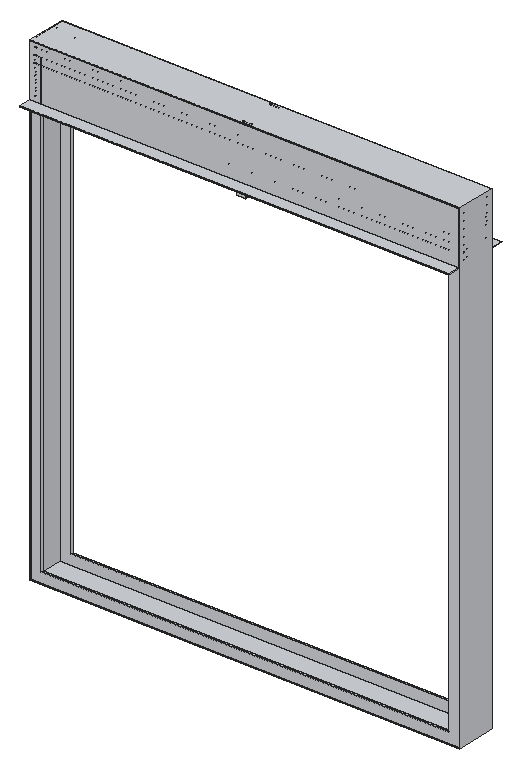
Revit family "FD-BSL", category Mechanical Equipment, Revit 2015
Parameters
  URL = "https://unitedenertech.com/catalog/pdf/A-14%20%20FD-BSL.pdf"
  Type Comments = "Max. Sizes are (1-1/2 Hour Vertical 120\"w x 115\"h) (1-1/2 Hour Horizontal 120\"w x 36\"h) (3 Hour Vertical or Horizontal 80\"w x 36\"h)"
  Model = "FD-BSL"
  Manufacturer = "United Enertech Corporation"
  Keynote = "Vertical Model Shown, Horizontal Models have Springs as shown on FDD-BSL Model."
  Exact Width = 2' - 0"
  EFL Height [instance] = Blade Pair Number * 0' 0 13/32" + 0' 0 41/64"  # 0' - 3 31/64"
  Description = "Slimline Curtain Fire Damper for use in Static Systems"
  Depth [instance] = 0' - 2 3/16"
  Damper Height = 2' - 0"
  Blade Width [instance] = Exact Width - 0' 0 1/8"  # 1' - 11 7/8"
  Blade Pair Number [instance] = (Damper Height + (if(Damper Height < 1' 8 1/4", 0' 2", if(Damper Height < 2' 8 1/4", 0' 3", if(Damper Height < 3' 6 1/4", 0' 4", if(Damper Height < 4' 7 1/4", 0' 5", if(Damper Height < 5' 4 1/4", 0' 3", if(Damper Height < 7' 0 1/4", 0' 4", if(Damper Height < 9' 7 1/4", 0' 5", 0' 5"))))))))) / 0' 3 7/8"  # 7
  "B" [instance] = if(Damper Height < 1' 8 1/4", 0' 2", if(Damper Height < 2' 8 1/4", 0' 3", if(Damper Height < 3' 6 1/4", 0' 4", if(Damper Height < 4' 7 1/4", 0' 5", if(Damper Height < 5' 4 1/4", 0' 3", if(Damper Height < 7' 0 1/4", 0' 4", if(Damper Height < 9' 7 1/4", 0' 5", 0' 5")))))))  # 0' - 3"
Reference planes (in)
  plane 1 "Center (Front/Back)": y = 0
  plane 2: z = 0
  plane 3 "Center (Left/Right)": x = 0
  plane 4: x = -12
  plane 5: x = 12
  plane 6: y = 1.84375
  plane 7: y = -1.84375
  plane 8: z = 24
  plane 9: z = 27
  plane 10: y = 1.09375
  plane 11: y = -1.09375
  plane 12: y = 0.96875
  plane 13: y = -0.96875
  plane 14: z = 0.0359
  plane 15: z = 26.9641
  plane 16: x = -11.9641
  plane 17: x = 11.9641
  plane 18: x = -11.375
  plane 19: x = 11.375
  plane 20: z = 26.375
  plane 21: z = 0.625
  plane 22: z = 23.47973
  plane 23: x = 0.25
  plane 24: x = -0.25
  plane 25: z = 23.60473
Forms (in)
  Extrusion 1, solid
    sketch origin (0, 0, 0) x (1, 0, 0) y (0, 0, 1)
      loop
        line (-11.9641, 26.9641) -> (-11.9641, 0.0359) -> (11.9641, 0.0359) -> (11.9641, 26.9641) -> (-11.9641, 26.9641)
      loop
        line (-12, 27) -> (-12, 0) -> (12, 0) -> (12, 27) -> (-12, 27)
    from -1.09375 to 1.09375
  Extrusion 2, solid
    sketch origin (0, 0, 0) x (1, 0, 0) y (0, 0, 1)
      loop
        line (-11.375, 26.375) -> (-11.375, 0.625) -> (11.375, 0.625) -> (11.375, 26.375) -> (-11.375, 26.375)
      loop
        line (-11.9641, 26.9641) -> (-11.9641, 0.0359) -> (11.9641, 0.0359) -> (11.9641, 26.9641) -> (-11.9641, 26.9641)
    from -1.09375 to -0.96875
  Extrusion 3, solid
    sketch origin (0, 0, 0) x (1, 0, 0) y (0, 0, 1)
      loop
        line (-11.375, 26.375) -> (-11.375, 0.625) -> (11.375, 0.625) -> (11.375, 26.375) -> (-11.375, 26.375)
      loop
        line (-11.9641, 26.9641) -> (-11.9641, 0.0359) -> (11.9641, 0.0359) -> (11.9641, 26.9641) -> (-11.9641, 26.9641)
    from 0.96875 to 1.09375
  Extrusion 4, solid
    sketch origin (0, 0, 0) x (0, 1, 0) y (0, 0, 1)
      loop
        line (0.96875, 27) -> (0.93285, 27) -> (0.93285, 23.47973) -> (1.38285, 23.47973) -> (1.38285, 23.76098) -> (1.34695, 23.76098) -> (1.34695, 23.51563) -> (0.96875, 23.51563) -> (0.96875, 27)
    from -0.25 to 0.25
  Extrusion 5, solid
    sketch origin (0, 0, 0) x (0, -1, 0) y (0, 0, -1)
      loop
        line (0.96875, -27) -> (0.96875, -23.51563) -> (1.34695, -23.51563) -> (1.34695, -23.76098) -> (1.38285, -23.76098) -> (1.38285, -23.47973) -> (0.93285, -23.47973) -> (0.93285, -27) -> (0.96875, -27)
    from -0.25 to 0.25
  Extrusion 6, solid
    sketch origin (0, 0, 0) x (0, 1, 0) y (0, 0, 1)
      loop
        line (1.09375, 26.9641) -> (1.09375, 24) -> (1.84375, 24) -> (1.84375, 24.0359) -> (1.12965, 24.0359) -> (1.12965, 26.9641) -> (1.09375, 26.9641)
    from -11.9641 to 11.9641
  Extrusion 7, solid
    sketch origin (0, 0, 0) x (0, -1, 0) y (0, 0, -1)
      loop
        line (1.09375, -26.9641) -> (1.12965, -26.9641) -> (1.12965, -24.0359) -> (1.84375, -24.0359) -> (1.84375, -24) -> (1.09375, -24) -> (1.09375, -26.9641)
    from -11.9641 to 11.9641
Dimensions and locks (in)
  equal spacing: plane 4, plane 3 "Center (Left/Right)", plane 5
  "Exact Width": plane 4 to plane 5
  equal spacing: plane 6, plane 1 "Center (Front/Back)", plane 7
  "Damper Height": plane 8 to level
  ""B"": plane 9 to plane 8
  plane 11 to plane 10 = 0' - 2 3/16"
  locked: plane 11 to plane 13 at 0.125
  locked: plane 12 to plane 10 at 0.125
  plane 9 to level = 2' - 3"
  locked: plane 4 to plane 16 at 0.0359
  locked: plane 17 to plane 5 at 0.0359
  locked: plane 9 to plane 15 at 0.0359
  locked: plane 14 to level at 0.0359
  locked: plane 4 to plane 18 at 0.625
  locked: plane 5 to plane 19 at 0.625
  locked: plane 9 to plane 20 at 0.625
  locked: plane 21 to level at 0.625
  equal spacing: group 1, group 2, group 3, group 4, group 5, group 6, group 7  (x2)
  equal spacing: group 7, group 6, group 5, group 4, group 3, group 2, group 1
  locked: nested 1 to nested 2 at 0.40625
  "EFL Height": plane 15 to plane 22
  locked: plane 22 to plane 25 at 0.125
  "Depth": plane 11 to plane 10
  aligned and locked: level to plane 2
  aligned and locked: level to Extrusion 1 sketch curve
  aligned and locked: Extrusion 1 sketch curve to plane 4
  aligned and locked: Extrusion 1 sketch curve to plane 9
  aligned and locked: Extrusion 1 sketch curve to plane 5
  aligned and locked: plane 14 to Extrusion 1 sketch curve
  aligned and locked: Extrusion 1 sketch curve to plane 15
  aligned and locked: plane 17 to Extrusion 1 sketch curve
  aligned and locked: plane 16 to Extrusion 1 sketch curve
  aligned and locked: plane 14 to Extrusion 2 sketch curve
  aligned and locked: plane 16 to Extrusion 2 sketch curve
  aligned and locked: plane 17 to Extrusion 2 sketch curve
  aligned and locked: Extrusion 2 sketch curve to plane 15
  aligned and locked: Extrusion 2 sketch curve to plane 20
  aligned and locked: Extrusion 2 sketch curve to plane 19
  aligned and locked: Extrusion 2 sketch curve to plane 18
  aligned and locked: plane 21 to Extrusion 2 sketch curve
  aligned and locked: Extrusion 2 to plane 10
  aligned and locked: plane 12 to Extrusion 2
  aligned and locked: Extrusion 3 to plane 13
  aligned and locked: plane 11 to Extrusion 3
  aligned and locked: plane 3 "Center (Left/Right)" to nested 1
  aligned and locked: plane 15 to nested 1
  aligned and locked: Extrusion 4 to plane 24
  aligned and locked: Extrusion 4 to plane 23
  aligned and locked: plane 25 to nested 6
  aligned and locked: Extrusion 6 to plane 17
  aligned and locked: Extrusion 7 to plane 17
  aligned and locked: Extrusion 7 to plane 16
  aligned and locked: Extrusion 6 to plane 16
  aligned and locked: plane 11 to Extrusion 1
  aligned and locked: Extrusion 1 to plane 10
  aligned and locked: plane 6 to Extrusion 6
  aligned and locked: Extrusion 7 to plane 7
Automatic sketch dimensions
  Extrusion 3 sketch curve to plane 14 = 0' - 0"
  Extrusion 3 sketch curve to plane 16 = 0' - 0"
  plane 18 to Extrusion 3 sketch curve = 0' - 0"
  Extrusion 3 sketch curve to plane 19 = 0' - 0"
  plane 17 to Extrusion 3 sketch curve = 0' - 0"
  Extrusion 3 sketch curve to plane 21 = 0' - 0"
  Extrusion 3 sketch curve to plane 20 = 0' - 0"
  Extrusion 3 sketch curve to plane 15 = 0' - 0"
  Extrusion 4 sketch curve to plane 9 = 0' - 0"
  Extrusion 4 sketch curve to plane 22 = 0' - 0"
  Extrusion 4 sketch curve to plane 12 = 0' - 0"
  plane 12 to Extrusion 4 sketch curve = 0' - 0.0359"
  Extrusion 4 sketch curve to plane 10 = 0' - 0.2532"
  Extrusion 4 sketch curve to Extrusion 4 sketch curve = 0' - 0.0359"
  plane 22 to Extrusion 4 sketch curve = 0' - 0.0359"
  Extrusion 4 sketch curve to plane 8 = 0' - 0.23902"
  Extrusion 5 sketch curve to plane 9 = 0' - 0"
  Extrusion 5 sketch curve to plane 22 = 0' - 0"
  Extrusion 5 sketch curve to plane 13 = 0' - 0"
  plane 13 to Extrusion 5 sketch curve = 0' - 0.0359"
  Extrusion 5 sketch curve to plane 11 = 0' - 0.2532"
  Extrusion 5 sketch curve to Extrusion 5 sketch curve = 0' - 0.0359"
  Extrusion 5 sketch curve to plane 22 = 0' - 0.0359"
  plane 8 to Extrusion 5 sketch curve = 0' - 0.23902"
  Extrusion 6 sketch curve to plane 8 = 0' - 0"
  Extrusion 6 sketch curve to plane 10 = 0' - 0"
  Extrusion 6 sketch curve to plane 15 = 0' - 0"
  Extrusion 6 sketch curve to plane 10 = 0' - 0.0359"
  plane 8 to Extrusion 6 sketch curve = 0' - 0.0359"
  Extrusion 7 sketch curve to plane 8 = 0' - 0"
  Extrusion 7 sketch curve to plane 11 = 0' - 0"
  Extrusion 7 sketch curve to plane 15 = 0' - 0"
  Extrusion 7 sketch curve to plane 11 = 0' - 0.0359"
  Extrusion 7 sketch curve to plane 8 = 0' - 0.0359"
  plane 6 to Extrusion 6 sketch curve = 0' - 0"
  plane 7 to Extrusion 7 sketch curve = 0' - 0"
Nested families (in)
  nested 1: "FD-SALB BLADESEDITED" at (0, 1.1689, 26.12138), type "FD-SALB BLADESEDITED"
    with Blade Width 2' - 0"
  nested 2: "FD-SALB BLADESEDITED" at (0, 1.1689, 25.71513), type "FD-SALB BLADESEDITED"
    with Blade Width 2' - 0"
  nested 3: "FD-SALB BLADESEDITED" at (0, 1.1689, 25.30888), type "FD-SALB BLADESEDITED"
    with Blade Width 2' - 0"
  nested 4: "FD-SALB BLADESEDITED" at (0, 1.1689, 24.90263), type "FD-SALB BLADESEDITED"
    with Blade Width 2' - 0"
  nested 5: "FD-SALB BLADESEDITED" at (0, 1.1689, 24.49638), type "FD-SALB BLADESEDITED"
    with Blade Width 2' - 0"
  nested 6: "EFL" at (4.62017, 3.53398, 23.60473), type "EFL"
  nested 7: "FD-SALB BLADESEDITED" at (0, 1.1689, 24.09013), type "FD-SALB BLADESEDITED"
    with Blade Width 2' - 0"
  nested 8: "FD-SALB BLADESEDITED" at (0, 1.1689, 23.68388), type "FD-SALB BLADESEDITED"
    with Blade Width 2' - 0"
Definition of nested family "FD-SALB BLADESEDITED"
  Parameters (values of type "FD-SALB BLADESEDITED")
    Blade Width = 1' - 11 7/8"
  Reference planes (in)
    plane 1 "Center (Front/Back)": y = 0
    plane 2: z = 0
    plane 3 "Center (Left/Right)": x = 0
    plane 4: x = -11.9375
    plane 5: x = 11.9375
  Forms (in)
    Extrusion 1, solid
      sketch origin (0, 0, 0) x (0, 1, 0) y (0, 0, 1)
        loop
          line (-0.31672, 0.53073) -> (-0.3446, 0.62657)
          arc (-0.3446, 0.62657) -> (-0.33726, 0.6415) -> (-0.32269, 0.63348) r 0.0115
          line (-0.32269, 0.63348) -> (-0.30545, 0.53536)
          arc (-0.30545, 0.53536) -> (-0.31611, 0.49773) -> (-0.35217, 0.48264) r 0.045
          line (-0.35217, 0.48264) -> (-0.39872, 0.48554)
          arc (-0.39872, 0.48554) -> (-0.42675, 0.49692) -> (-0.44125, 0.52348) r 0.045
          line (-0.44125, 0.52348) -> (-0.47071, 0.66865)
          arc (-0.47071, 0.66865) -> (-0.48965, 0.70349) -> (-0.5262, 0.7189) r 0.06
          line (-0.5262, 0.7189) -> (-1.55698, 0.78305) -> (-1.76244, 0.79584)
          arc (-1.76244, 0.79584) -> (-1.79846, 0.78683) -> (-1.82228, 0.75836) r 0.06
          line (-1.82228, 0.75836) -> (-1.88016, 0.61423)
          arc (-1.88016, 0.61423) -> (-1.90974, 0.57877) -> (-1.95445, 0.56733) r 0.075
          arc (-1.95445, 0.56733) -> (-2.03902, 0.60869) -> (-2.06957, 0.69773) r 0.123
          line (-2.06957, 0.69773) -> (-2.06418, 0.78456)
          arc (-2.06418, 0.78456) -> (-2.05371, 0.80551) -> (-2.03138, 0.81256) r 0.03
          line (-2.03138, 0.81256) -> (-1.90763, 0.80489) -> (-1.90763, 0.8362) -> (-2.01284, 0.84272) -> (-2.04641, 0.84272)
          arc (-2.04641, 0.84272) -> (-2.08042, 0.82292) -> (-2.09536, 0.7865) r 0.06125
          line (-2.09536, 0.7865) -> (-2.10077, 0.69966)
          arc (-2.10077, 0.69966) -> (-2.06244, 0.58801) -> (-1.95639, 0.53614) r 0.15425
          arc (-1.95639, 0.53614) -> (-1.89306, 0.55235) -> (-1.8512, 0.60257) r 0.10625
          line (-1.8512, 0.60257) -> (-1.7933, 0.74674)
          arc (-1.7933, 0.74674) -> (-1.78183, 0.76038) -> (-1.76452, 0.76466) r 0.02875
          line (-1.76452, 0.76466) -> (-1.55892, 0.75186) -> (-0.52813, 0.68773)
          arc (-0.52813, 0.68773) -> (-0.51045, 0.68016) -> (-0.50148, 0.66314) r 0.02875
          line (-0.50148, 0.66314) -> (-0.47199, 0.51784)
          arc (-0.47199, 0.51784) -> (-0.4474, 0.47346) -> (-0.4004, 0.45434) r 0.07625
          line (-0.4004, 0.45434) -> (-0.35398, 0.45144)
          arc (-0.35398, 0.45144) -> (-0.29278, 0.47694) -> (-0.27468, 0.54073) r 0.07625
          line (-0.27468, 0.54073) -> (-0.29191, 0.63889)
          arc (-0.29191, 0.63889) -> (-0.33988, 0.67434) -> (-0.37768, 0.6282) r 0.04327
          line (-0.37768, 0.6282) -> (-0.34677, 0.52199) -> (-0.31672, 0.53073)
      from -11.9375 to 11.9375
    Extrusion 2, solid
      sketch origin (0, 0, 0) x (0, 1, 0) y (0, 0, 1)
        loop
          arc (-0.31635, 0.67497) -> (-0.29361, 0.66856) -> (-0.28256, 0.64768) r 0.03
          line (-0.28256, 0.64768) -> (-0.2714, 0.56286)
          arc (-0.2714, 0.56286) -> (-0.29582, 0.47194) -> (-0.37737, 0.42491) r 0.123
          arc (-0.37737, 0.42491) -> (-0.42275, 0.43328) -> (-0.45469, 0.46664) r 0.075
          line (-0.45469, 0.46664) -> (-0.52225, 0.60648)
          arc (-0.52225, 0.60648) -> (-0.54755, 0.63305) -> (-0.58358, 0.63992) r 0.06
          line (-0.58358, 0.63992) -> (-0.78858, 0.61304) -> (-1.81262, 0.47877)
          arc (-1.81262, 0.47877) -> (-1.84723, 0.46173) -> (-1.86432, 0.42714) r 0.06
          line (-1.86432, 0.42714) -> (-1.88437, 0.27537)
          arc (-1.88437, 0.27537) -> (-1.89734, 0.2499) -> (-1.92301, 0.23735) r 0.045
          line (-1.92301, 0.23735) -> (-1.96868, 0.2314)
          arc (-1.96868, 0.2314) -> (-2.00696, 0.24361) -> (-2.02023, 0.28153) r 0.045
          line (-2.02023, 0.28153) -> (-2.00995, 0.379)
          arc (-2.00995, 0.379) -> (-1.99657, 0.38882) -> (-1.98728, 0.37505) r 0.0115
          line (-1.98728, 0.37505) -> (-2.00879, 0.27676) -> (-1.97772, 0.26996) -> (-1.95543, 0.37179)
          arc (-1.95543, 0.37179) -> (-1.99381, 0.41919) -> (-2.04121, 0.38081) r 0.04313
          line (-2.04121, 0.38081) -> (-2.05127, 0.28509)
          arc (-2.05127, 0.28509) -> (-2.02877, 0.22122) -> (-1.96431, 0.20045) r 0.07625
          line (-1.96431, 0.20045) -> (-1.91897, 0.20638)
          arc (-1.91897, 0.20638) -> (-1.87533, 0.22771) -> (-1.85342, 0.27106) r 0.07625
          line (-1.85342, 0.27106) -> (-1.83333, 0.42305)
          arc (-1.83333, 0.42305) -> (-1.82514, 0.43962) -> (-1.80853, 0.44779) r 0.02875
          line (-1.80853, 0.44779) -> (-0.78452, 0.58205) -> (-0.57967, 0.60892)
          arc (-0.57967, 0.60892) -> (-0.56246, 0.60559) -> (-0.55039, 0.5929) r 0.02875
          line (-0.55039, 0.5929) -> (-0.48278, 0.45303)
          arc (-0.48278, 0.45303) -> (-0.4376, 0.40578) -> (-0.37331, 0.39393) r 0.10625
          arc (-0.37331, 0.39393) -> (-0.27103, 0.4529) -> (-0.24041, 0.56695) r 0.15425
          line (-0.24041, 0.56695) -> (-0.2515, 0.65113)
          arc (-0.2515, 0.65113) -> (-0.27433, 0.69316) -> (-0.32041, 0.70596) r 0.06125
          line (-0.32041, 0.70596) -> (-0.44437, 0.68971) -> (-0.44031, 0.65872) -> (-0.31635, 0.67497)
      from -11.9375 to 11.9375
  Dimensions and locks (in)
    equal spacing: plane 4, plane 3 "Center (Left/Right)", plane 5
    "Blade Width": plane 4 to plane 5
    aligned and locked: level to plane 2
    aligned and locked: plane 4 to Extrusion 1
    aligned and locked: plane 4 to Extrusion 2
    aligned and locked: plane 5 to Extrusion 1
    aligned and locked: plane 5 to Extrusion 2
  Automatic sketch dimensions
    Extrusion 2 sketch curve to Extrusion 2 sketch curve = 0' - 0"  (x35)
    level to Extrusion 2 sketch curve = 0' - 0.28509"
    plane 1 "Center (Front/Back)" to Extrusion 2 sketch curve = 0' - 2.05127"
    level to Extrusion 2 sketch curve = 0' - 0.38081"
    Extrusion 2 sketch curve to Extrusion 2 sketch curve = 0' - 0.01006"
    level to Extrusion 2 sketch curve = 0' - 0.28153"
    Extrusion 2 sketch curve to Extrusion 2 sketch curve = 0' - 0.03105"
    level to Extrusion 2 sketch curve = 0' - 0.27676"
    Extrusion 2 sketch curve to Extrusion 2 sketch curve = 0' - 0.01143"  (x2)
    Extrusion 2 sketch curve to Extrusion 2 sketch curve = 0' - 0.04266"
    Extrusion 2 sketch curve to Extrusion 2 sketch curve = 0' - 0.00023"
    level to Extrusion 2 sketch curve = 0' - 0.26996"
    Extrusion 2 sketch curve to Extrusion 2 sketch curve = 0' - 0.03107"
    Extrusion 2 sketch curve to Extrusion 2 sketch curve = 0' - 0.00213"
    level to Extrusion 2 sketch curve = 0' - 0.2314"
    Extrusion 2 sketch curve to Extrusion 2 sketch curve = 0' - 0.00904"
    level to Extrusion 2 sketch curve = 0' - 0.20045"
    level to Extrusion 2 sketch curve = 0' - 0.37179"
    Extrusion 2 sketch curve to Extrusion 2 sketch curve = 0' - 0.0467"
    level to Extrusion 2 sketch curve = 0' - 0.27537"
    Extrusion 2 sketch curve to Extrusion 2 sketch curve = 0' - 0.04451"
    level to Extrusion 2 sketch curve = 0' - 0.27106"
    Extrusion 2 sketch curve to Extrusion 2 sketch curve = 0' - 0.03095"
    Extrusion 2 sketch curve to Extrusion 2 sketch curve = 0' - 0.0486"
    plane 1 "Center (Front/Back)" to Extrusion 2 sketch curve = 0' - 0.78452"
    Extrusion 2 sketch curve to Extrusion 2 sketch curve = 0' - 0.20094"
    Extrusion 2 sketch curve to Extrusion 2 sketch curve = 0' - 0 1/256"  (x2)
    Extrusion 2 sketch curve to Extrusion 2 sketch curve = 0' - 0.0034"
    Extrusion 2 sketch curve to Extrusion 2 sketch curve = 0' - 0.13921"
    Extrusion 2 sketch curve to Extrusion 2 sketch curve = 0' - 0.00406"  (x3)
    Extrusion 2 sketch curve to Extrusion 2 sketch curve = 0' - 0.04695"
    Extrusion 2 sketch curve to Extrusion 2 sketch curve = 0' - 0.00624"
    Extrusion 2 sketch curve to Extrusion 2 sketch curve = 0' - 0.0809"
    Extrusion 2 sketch curve to Extrusion 2 sketch curve = 0' - 0.0299"
    Extrusion 2 sketch curve to Extrusion 2 sketch curve = 0' - 0.03106"
    Extrusion 2 sketch curve to Extrusion 2 sketch curve = 0' - 0.00661"
    Extrusion 2 sketch curve to Extrusion 2 sketch curve = 0' - 0.00119"
    Extrusion 2 sketch curve to Extrusion 2 sketch curve = 0' - 0.14822"
    level to Extrusion 2 sketch curve = 0' - 0.49927"
    Extrusion 2 sketch curve to Extrusion 2 sketch curve = 0' - 0.04759"
    Extrusion 2 sketch curve to Extrusion 2 sketch curve = 0' - 0.0335"
    Extrusion 2 sketch curve to Extrusion 2 sketch curve = 0' - 0.00168"
    Extrusion 2 sketch curve to Extrusion 2 sketch curve = 0' - 0.02855"
    Extrusion 2 sketch curve to Extrusion 2 sketch curve = 0' - 0.031"
    Extrusion 2 sketch curve to Extrusion 2 sketch curve = 0' - 0.09835"
    Extrusion 2 sketch curve to Extrusion 2 sketch curve = 0' - 0.00246"
    Extrusion 2 sketch curve to Extrusion 2 sketch curve = 0' - 0.00345"
    Extrusion 2 sketch curve to Extrusion 2 sketch curve = 0' - 0.11186"
    Extrusion 2 sketch curve to Extrusion 2 sketch curve = 0' - 0.03098"  (x3)
    level to Extrusion 2 sketch curve = 0' - 0.37898"
    Extrusion 2 sketch curve to Extrusion 2 sketch curve = 0' - 0.00003"  (x4)
    Extrusion 2 sketch curve to Extrusion 2 sketch curve = 0' - 0.01101"
    level to Extrusion 2 sketch curve = 0' - 0.37505"
    Extrusion 2 sketch curve to Extrusion 2 sketch curve = 0' - 0.00585"
    level to Extrusion 2 sketch curve = 0' - 0.23735"
    Extrusion 2 sketch curve to Extrusion 2 sketch curve = 0' - 0.00404"
    level to Extrusion 2 sketch curve = 0' - 0.20636"
    level to Extrusion 2 sketch curve = 0' - 0.42714"
    Extrusion 2 sketch curve to Extrusion 2 sketch curve = 0' - 0.0595"
    level to Extrusion 2 sketch curve = 0' - 0.42305"
    Extrusion 2 sketch curve to Extrusion 2 sketch curve = 0' - 0.02852"
    Extrusion 2 sketch curve to Extrusion 2 sketch curve = 0' - 0.0207"
    level to Extrusion 2 sketch curve = 0' - 0.47878"
    Extrusion 2 sketch curve to Extrusion 2 sketch curve = 0' - 0.00374"
    level to Extrusion 2 sketch curve = 0' - 0.44779"
    Extrusion 2 sketch curve to Extrusion 2 sketch curve = 0' - 0.02588"
    Extrusion 2 sketch curve to Extrusion 2 sketch curve = 0' - 0.02814"
    Extrusion 2 sketch curve to Extrusion 2 sketch curve = 0' - 0.0957"
    Extrusion 2 sketch curve to Extrusion 2 sketch curve = 0' - 0.00004"  (x2)
    Extrusion 2 sketch curve to Extrusion 2 sketch curve = 0' - 0.02809"
    Extrusion 2 sketch curve to Extrusion 2 sketch curve = 0' - 0.00975"
    Extrusion 2 sketch curve to Extrusion 2 sketch curve = 0' - 0.00796"
    Extrusion 2 sketch curve to Extrusion 2 sketch curve = 0' - 0.01116"
    Extrusion 2 sketch curve to Extrusion 2 sketch curve = 0' - 0.00002"
    Extrusion 1 sketch curve to Extrusion 1 sketch curve = 0' - 0"  (x30)
    level to Extrusion 1 sketch curve = 0' - 0.7827"
    plane 1 "Center (Front/Back)" to Extrusion 1 sketch curve = 0' - 2.03423"
    Extrusion 1 sketch curve to Extrusion 1 sketch curve = 0' - 0.00284"
    Extrusion 1 sketch curve to Extrusion 1 sketch curve = 0' - 0.01854"
    Extrusion 1 sketch curve to Extrusion 1 sketch curve = 0' - 0.08443"
    Extrusion 1 sketch curve to Extrusion 1 sketch curve = 0' - 0.00298"
    Extrusion 1 sketch curve to Extrusion 1 sketch curve = 0' - 0.03918"
    Extrusion 1 sketch curve to Extrusion 1 sketch curve = 0' - 0.14102"
    level to Extrusion 1 sketch curve = 0' - 0.76466"
    Extrusion 1 sketch curve to Extrusion 1 sketch curve = 0' - 0.00209"
    level to Extrusion 1 sketch curve = 0' - 0.79584"
    Extrusion 1 sketch curve to Extrusion 1 sketch curve = 0' - 0.00208"  (x2)
    level to Extrusion 1 sketch curve = 0' - 0.75186"
    Extrusion 1 sketch curve to Extrusion 1 sketch curve = 0' - 0.2056"
    Extrusion 1 sketch curve to Extrusion 1 sketch curve = 0' - 0.00194"  (x2)
    plane 1 "Center (Front/Back)" to Extrusion 1 sketch curve = 0' - 0.52993"
    Extrusion 1 sketch curve to Extrusion 1 sketch curve = 0' - 0.02845"
    Extrusion 1 sketch curve to Extrusion 1 sketch curve = 0' - 0.02949"
    Extrusion 1 sketch curve to Extrusion 1 sketch curve = 0' - 0.03077"  (x2)
    Extrusion 1 sketch curve to Extrusion 1 sketch curve = 0' - 0.03074"
    Extrusion 1 sketch curve to Extrusion 1 sketch curve = 0' - 0.04085"
    Extrusion 1 sketch curve to Extrusion 1 sketch curve = 0' - 0.00168"
    Extrusion 1 sketch curve to Extrusion 1 sketch curve = 0' - 0.04445"
    Extrusion 1 sketch curve to Extrusion 1 sketch curve = 0' - 0.01912"
    Extrusion 1 sketch curve to Extrusion 1 sketch curve = 0' - 0.04641"
    Extrusion 1 sketch curve to Extrusion 1 sketch curve = 0' - 0.00182"
    Extrusion 1 sketch curve to Extrusion 1 sketch curve = 0' - 0.00238"
    Extrusion 1 sketch curve to Extrusion 1 sketch curve = 0' - 0.00302"
    Extrusion 1 sketch curve to Extrusion 1 sketch curve = 0' - 0.03307"
    Extrusion 1 sketch curve to Extrusion 1 sketch curve = 0' - 0.01008"
    Extrusion 1 sketch curve to Extrusion 1 sketch curve = 0' - 0.00072"
    Extrusion 1 sketch curve to Extrusion 1 sketch curve = 0' - 0.01112"
    Extrusion 1 sketch curve to Extrusion 1 sketch curve = 0' - 0.03006"
    Extrusion 1 sketch curve to Extrusion 1 sketch curve = 0' - 0.03078"
    Extrusion 1 sketch curve to Extrusion 1 sketch curve = 0' - 0.02867"
    Extrusion 1 sketch curve to Extrusion 1 sketch curve = 0' - 0.09261"
    level to Extrusion 1 sketch curve = 0' - 0.66865"
    Extrusion 1 sketch curve to Extrusion 1 sketch curve = 0' - 0.00551"
    Extrusion 1 sketch curve to Extrusion 1 sketch curve = 0' - 0.00412"
    Extrusion 1 sketch curve to Extrusion 1 sketch curve = 0' - 0.04791"
    Extrusion 1 sketch curve to Extrusion 1 sketch curve = 0' - 0.02976"
    Extrusion 1 sketch curve to Extrusion 1 sketch curve = 0' - 0.00541"
    Extrusion 1 sketch curve to Extrusion 1 sketch curve = 0' - 0.00087"
    Extrusion 1 sketch curve to Extrusion 1 sketch curve = 0' - 0.00852"
    Extrusion 1 sketch curve to Extrusion 1 sketch curve = 0' - 0.00559"
    Extrusion 1 sketch curve to Extrusion 1 sketch curve = 0' - 0.00702"
    Extrusion 1 sketch curve to Extrusion 1 sketch curve = 0' - 0.00564"
    Extrusion 1 sketch curve to Extrusion 1 sketch curve = 0' - 0.03935"
    Extrusion 1 sketch curve to Extrusion 1 sketch curve = 0' - 0.0312"
    Extrusion 1 sketch curve to Extrusion 1 sketch curve = 0' - 0.03119"
    Extrusion 1 sketch curve to Extrusion 1 sketch curve = 0' - 0.1148"
    Extrusion 1 sketch curve to Extrusion 1 sketch curve = 0' - 0.03131"
    Extrusion 1 sketch curve to Extrusion 1 sketch curve = 0' - 0.02994"
    level to Extrusion 1 sketch curve = 0' - 0.78456"
    Extrusion 1 sketch curve to Extrusion 1 sketch curve = 0' - 0.00539"
    level to Extrusion 1 sketch curve = 0' - 0.69772"
    Extrusion 1 sketch curve to Extrusion 1 sketch curve = 0' - 0.03117"
    Extrusion 1 sketch curve to Extrusion 1 sketch curve = 0' - 0.03118"
    level to Extrusion 1 sketch curve = 0' - 0.69966"
    Extrusion 1 sketch curve to Extrusion 1 sketch curve = 0' - 0.03357"
    Extrusion 1 sketch curve to Extrusion 1 sketch curve = 0' - 0.0066"
    Extrusion 1 sketch curve to Extrusion 1 sketch curve = 0' - 0.06959"
    level to Extrusion 1 sketch curve = 0' - 0.61423"
    Extrusion 1 sketch curve to Extrusion 1 sketch curve = 0' - 0.00004"  (x2)
    Extrusion 1 sketch curve to Extrusion 1 sketch curve = 0' - 0.02896"
    level to Extrusion 1 sketch curve = 0' - 0.60259"
    level to Extrusion 1 sketch curve = 0' - 0.75838"
    Extrusion 1 sketch curve to Extrusion 1 sketch curve = 0' - 0.05778"
    level to Extrusion 1 sketch curve = 0' - 0.74674"
    Extrusion 1 sketch curve to Extrusion 1 sketch curve = 0' - 0.02669"
    Extrusion 1 sketch curve to Extrusion 1 sketch curve = 0' - 0.00179"
    Extrusion 1 sketch curve to Extrusion 1 sketch curve = 0' - 0.00193"
    Extrusion 1 sketch curve to Extrusion 1 sketch curve = 0' - 0.01125"
    Extrusion 1 sketch curve to Extrusion 1 sketch curve = 0' - 0.00003"
    Extrusion 1 sketch curve to Extrusion 1 sketch curve = 0' - 0.05622"
    Extrusion 1 sketch curve to Extrusion 1 sketch curve = 0' - 0.03016"
Definition of nested family "EFL"
  Reference planes (in)
    plane 1 "Center (Front/Back)": y = 0
    plane 2: z = 0
    plane 3 "Center (Left/Right)": x = 0
  Forms (in)
    Extrusion 1, solid
      sketch origin (0, 0, 0) x (1, 0, 0) y (0, 1, 0)
        loop
          arc (-4.87017, -4.05324) -> (-4.81525, -4.18582) -> (-4.68267, -4.24074) r 0.1875
          line (-4.68267, -4.24074) -> (-4.55767, -4.24074)
          arc (-4.55767, -4.24074) -> (-4.42508, -4.18582) -> (-4.37017, -4.05324) r 0.1875
          line (-4.37017, -4.05324) -> (-4.37017, -3.41574) -> (-4.87017, -3.41574) -> (-4.87017, -4.05324)
        loop
          circle (-4.62017, -4.05324) r 0.0625
      from 0.1 to 0.05
    Extrusion 2, solid
      sketch origin (-9.24033, -7.08147, 0) x (-1, 0, 0) y (0, -1, 0)
        loop
          arc (-4.87017, -4.05324) -> (-4.81525, -4.18582) -> (-4.68267, -4.24074) r 0.1875
          line (-4.68267, -4.24074) -> (-4.55767, -4.24074)
          arc (-4.55767, -4.24074) -> (-4.42508, -4.18582) -> (-4.37017, -4.05324) r 0.1875
          line (-4.37017, -4.05324) -> (-4.37017, -3.41574) -> (-4.87017, -3.41574) -> (-4.87017, -4.05324)
        loop
          circle (-4.62017, -4.05324) r 0.0625
      from 0 to 0.05
    Sweep 3, solid
      path in 3D
        loop
          line (-4.62017, -4.16421, 0) -> (-4.62017, -4.22608, 0)
          arc (-4.62017, -4.22608, 0) -> (-4.65678, -4.31447, 0) -> (-4.74517, -4.35108, 0) r 0.125
          line (-4.74517, -4.35108, 0) -> (-4.92568, -4.35108, 0)
          arc (-4.92568, -4.35108, 0) -> (-5.02859, -4.454, 0) -> (-4.92568, -4.55691, 0) r 0.10291
          line (-4.92568, -4.55691, 0) -> (-4.62017, -4.55691, 0) -> (-4.31465, -4.55691, 0)
          arc (-4.31465, -4.55691, 0) -> (-4.21174, -4.454, 0) -> (-4.31465, -4.35108, 0) r 0.10291
          line (-4.31465, -4.35108, 0) -> (-4.58427, -4.35108, 0)
      profile origin (-4.62017, -4.19515, 0) x (1, 0, 0) y (0, 0, 1)
        loop
          circle (0, 0) r 0.03202
    Sweep 4, solid
      path in 3D
        loop
          line (-4.62017, -4.283, 0.1526) -> (-4.62017, -4.12297, 0.1526)
          arc (-4.62017, -4.12297, 0.1526) -> (-4.62017, -4.04635, 0.07598) -> (-4.62017, -4.12297, -0.00063) r 0.07662
          line (-4.62017, -4.12297, -0.00063) -> (-4.62017, -4.16421, -0.00063)
      profile origin (-4.62017, -4.14359, -0.00063) x (0, 0, -1) y (1, 0, 0)
        loop
          circle (0, 0) r 0.03138
    Sweep 5, solid
      path in 3D
        loop
          line (-4.62017, -2.91726, 0) -> (-4.62017, -2.85539, 0)
          arc (-4.62017, -2.85539, 0) -> (-4.65678, -2.767, 0) -> (-4.74517, -2.73039, 0) r 0.125
          line (-4.74517, -2.73039, 0) -> (-4.92568, -2.73039, 0)
          arc (-4.92568, -2.73039, 0) -> (-5.02859, -2.62747, 0) -> (-4.92568, -2.52456, 0) r 0.10291
          line (-4.92568, -2.52456, 0) -> (-4.62017, -2.52456, 0) -> (-4.31465, -2.52456, 0)
          arc (-4.31465, -2.52456, 0) -> (-4.21174, -2.62747, 0) -> (-4.31465, -2.73039, 0) r 0.10291
          line (-4.31465, -2.73039, 0) -> (-4.58427, -2.73039, 0)
      profile origin (-4.62017, -2.88633, 0) x (-1, 0, 0) y (0, 0, 1)
        loop
          circle (0, 0) r 0.03202
    Sweep 6, solid
      path in 3D
        loop
          line (-4.62017, -2.79848, 0.1526) -> (-4.62017, -2.95851, 0.1526)
          arc (-4.62017, -2.95851, 0.1526) -> (-4.62017, -3.03512, 0.07598) -> (-4.62017, -2.95851, -0.00063) r 0.07662
          line (-4.62017, -2.95851, -0.00063) -> (-4.62017, -2.91726, -0.00063)
      profile origin (-4.62017, -2.93788, -0.00063) x (0, 0, 1) y (1, 0, 0)
        loop
          circle (0, 0) r 0.03138
  Lines and regions (in)
    sketch lines
      curve 1: line (-4.62017, -4.16421, 0) -> (-4.62017, -4.22608, 0)
      curve 2: arc (-4.74517, -4.35108, 0) -> (-4.65678, -4.31447, 0) -> (-4.62017, -4.22608, 0) r 0.125
      curve 3: line (-4.74517, -4.35108, 0) -> (-4.92568, -4.35108, 0)
      curve 4: arc (-4.92568, -4.35108, 0) -> (-5.02859, -4.454, 0) -> (-4.92568, -4.55691, 0) r 0.10291
      curve 5: line (-4.62017, -4.55691, 0) -> (-4.92568, -4.55691, 0)
      curve 6: line (-4.62017, -4.55691, 0) -> (-4.31465, -4.55691, 0)
      curve 7: arc (-4.31465, -4.55691, 0) -> (-4.21174, -4.454, 0) -> (-4.31465, -4.35108, 0) r 0.10291
      curve 8: line (-4.58427, -4.35108, 0) -> (-4.31465, -4.35108, 0)
      curve 9: line (-4.62017, -4.12297, -0.00063) -> (-4.62017, -4.16421, -0.00063)
      curve 10: arc (-4.62017, -4.12297, -0.00063) -> (-4.62017, -4.04635, 0.07598) -> (-4.62017, -4.12297, 0.1526) r 0.07662
      curve 11: line (-4.62017, -4.12297, 0.1526) -> (-4.62017, -4.283, 0.1526)
      curve 12: line (-4.62017, -2.91726, 0) -> (-4.62017, -2.85539, 0)
      curve 13: arc (-4.74517, -2.73039, 0) -> (-4.65678, -2.767, 0) -> (-4.62017, -2.85539, 0) r 0.125
      curve 14: line (-4.74517, -2.73039, 0) -> (-4.92568, -2.73039, 0)
      curve 15: arc (-4.92568, -2.73039, 0) -> (-5.02859, -2.62747, 0) -> (-4.92568, -2.52456, 0) r 0.10291
      curve 16: line (-4.62017, -2.52456, 0) -> (-4.92568, -2.52456, 0)
      curve 17: line (-4.62017, -2.52456, 0) -> (-4.31465, -2.52456, 0)
      curve 18: arc (-4.31465, -2.52456, 0) -> (-4.21174, -2.62747, 0) -> (-4.31465, -2.73039, 0) r 0.10291
      curve 19: line (-4.58427, -2.73039, 0) -> (-4.31465, -2.73039, 0)
      curve 20: line (-4.62017, -2.95851, -0.00063) -> (-4.62017, -2.91726, -0.00063)
      curve 21: arc (-4.62017, -2.95851, -0.00063) -> (-4.62017, -3.03512, 0.07598) -> (-4.62017, -2.95851, 0.1526) r 0.07662
      curve 22: line (-4.62017, -2.95851, 0.1526) -> (-4.62017, -2.79848, 0.1526)
  Dimensions and locks (in)
    aligned and locked: level to plane 2
